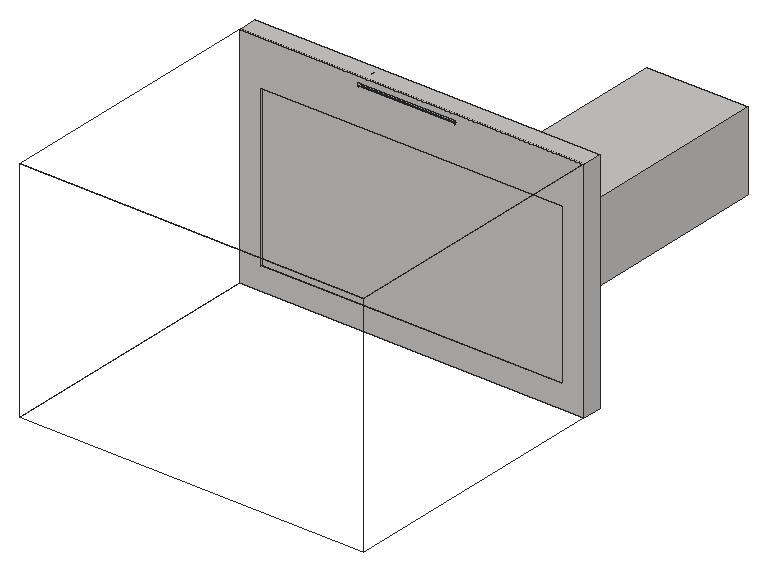
Revit family "Range_Hood-BroanNutone-Pyramidal_Chimney-30in-EW4830SS", category Specialty Equipment, host Face, Revit 2019
Family settings
  Host = Face
  Round Connector Dimension = Use Diameter
  Part Type = Normal
  OmniClass Number = 23.40.20.34.11.21
  OmniClass Title = Fireplace and Stove Hoods
  Cut with Voids When Loaded = No
  Shared = No
  Room Calculation Point = No
Parameters (values of type "30in - Stainless Steel")
  Width = 2' - 5 15/16"  # constant formula
  Warranty URL = "https://www.broan-nutone.com/getmedia/08960bac-3ee5-42e1-8f41-5e0d445213aa/ADA_Low_Voltage_Connection.pdf?ext=.pdf"
  Voltage Note = "120 V"
  Voltage = 120 V
  Version = "2019 – v1.0a"  # constant formula
  URL = "https://www.broan-nutone.com/"
  Type Comments = ""
  Support Phone = "(224) 699-9545"  # constant formula
  Support Email = "mailto:support@anguleris.com"
  Product Page URL = "https://www.broan-nutone.com/en-us/product/rangehoods/ew4830ss"
  Product Name = "Broan® Elite EW48 Series 30-Inch Pyramidal Chimney Range Hood, 460 Max Blower CFM"  # constant formula
  Product Documentation Link = "https://www.broan-nutone.com/getmedia/49eccd3f-74bb-4680-8234-84695bb48309/Spec-Sheet-EW48.pdf?ext=.pdf"
  Power Factor = 1
  Number of Poles = 1
  Mounting Note = "For best results mount 24 to 30 inches over cooking surface"  # constant formula
  Model = "EW4830SS"
  Manufacturer Phone Number = "1 800-558-1711"  # constant formula
  Manufacturer = "Broan-NuTone"  # constant formula
  Height = 0' - 9 1/2"  # constant formula
  Flue Extension [instance] = 2' - 6 15/16"
  Finish = Metal - Broan NuTone - Stainless Steel
  Electrical Connector = "Cord Kit - Standard 120 VAC Plug"  # constant formula
  Description = "30in Pyramidal Chimney Range Hood"  # constant formula
  Depth = 1' - 7 3/4"  # constant formula
  Default Elevation = 4' - 0"
  Copyright = "Copyright © 2021 Broan-NuTone, LLC. All Rights Reserved"  # constant formula
  Clearance [instance] = yes
  C Flue [instance] = if(Flue Extension > 3' 6", 3' 6", if(Flue Extension < 2' 2 5/8", 2' 2 5/8", Flue Extension))  # 2' - 6 15/16"
  Assembly Code = "E1090320"
Types (4): name | Product Page URL | Model | Finish
  (no name) | "https://www.broan-nutone.com/en-us/product/rangehoods/ew4830ss" | "EW4830SS" | Metal - Broan NuTone - Stainless Steel
  30in - Stainless Steel | "https://www.broan-nutone.com/en-us/product/rangehoods/ew4830ss" | "EW4830SS" | Metal - Broan NuTone - Stainless Steel
  30in - Black Stainless Steel | "https://www.broan-nutone.com/en-us/product/rangehoods/ew4830bls" | "EW4830BLS" | Metal - Broan NuTone - Stainless Steel - Black
  30in - White | "https://www.broan-nutone.com/en-us/product/rangehoods/ew4830wh" | "EW4830WH" | Plastic - Broan NuTone - White
Reference planes (in)
  plane 1 "Center (Front/Back)": y = 0
  plane 2: z = 0
  plane 3 "Center (Left/Right)": x = 0
  plane 4: x = -14.96875
  plane 5: x = 14.96875
  plane 6: y = -4.75
  plane 7: z = 19.75
  plane 8: z = 14.25
  plane 9: z = 2
  plane 10: y = 1.5
  plane 11: y = -1.5
  plane 12: x = -13.46875
  plane 13: x = 13.46875
  plane 14: x = -2.9375
  plane 15: x = 2.9375
  plane 16: y = -3.1875
  plane 17: y = 26.1875
Forms (in)
  Extrusion 1, solid, material "Clearances - Broan Nutone", visible <- "Clearance"
    sketch origin (0, 0, 0) x (1, 0, 0) y (0, 1, 0)
      loop
        line (-14.96875, -4.75) -> (-14.96875, -28.75) -> (14.96875, -28.75) -> (14.96875, -4.75) -> (-14.96875, -4.75)
    from 0 to 19.75
  Extrusion 2, solid, material "Metal - Broan NuTone - Stainless Steel" <- "Finish"
    sketch origin (0, 0, -11.25) x (1, 0, 0) y (0, 0, 1)
      loop
        circle (0, 14.65625) r 2.9375
      loop
        circle (0, 14.65625) r 2.75
    from -4.75 to -5.48509
  Extrusion 3, solid, material "Metal - Broan NuTone - Stainless Steel" <- "Finish"
    sketch origin (0, 0, -0.18874) x (1, 0, 0) y (0, 0, 1)
      loop
        line (-14.96875, 19.93874) -> (-14.96875, 0.18874) -> (14.96875, 0.18874) -> (14.96875, 19.93874) -> (-14.96875, 19.93874)
      loop
        line (13.14872, 16.0753) -> (-13.14872, 16.0753) -> (-13.14872, 2.18874) -> (13.14872, 2.18874) -> (13.14872, 16.0753)
    from 3.1875 to 4.88648
  Extrusion 4, solid, material "Metal - Broan NuTone - Stainless Steel" <- "Finish"
    sketch origin (0, 0, 0) x (1, 0, 0) y (0, 0, 1)
      loop
        line (13.85485, 17.63656) -> (-13.96739, 17.63656) -> (-13.96739, 1.07406) -> (13.85485, 1.07406) -> (13.85485, 17.63656)
    from 3.63092 to 4.75
  Extrusion 5, void
    sketch origin (0, 0, 0) x (1, 0, 0) y (0, 0, 1)
      loop
        line (3.73754, 19.28851) -> (-4.51246, 19.28851)
        arc (-4.51246, 19.28851) -> (-4.68355, 19.11742) -> (-4.51246, 18.94632) r 0.17109
        line (-4.51246, 18.94632) -> (3.73754, 18.94632)
        arc (3.73754, 18.94632) -> (3.90864, 19.11742) -> (3.73754, 19.28851) r 0.17109
    from 2.48756 to 4.88648
  Extrusion 6, solid
    sketch origin (0, 0, 0) x (1, 0, 0) y (0, 0, 1)
      loop
        line (-4.51246, 18.94632) -> (3.73754, 18.94632)
        arc (3.73754, 18.94632) -> (3.90864, 19.11742) -> (3.73754, 19.28851) r 0.17109
        line (3.73754, 19.28851) -> (-4.51246, 19.28851)
        arc (-4.51246, 19.28851) -> (-4.68355, 19.11742) -> (-4.51246, 18.94632) r 0.17109
    from 3.63092 to 4.61764
  Blend 7, solid, material "Metal - Broan NuTone - Stainless Steel" <- "Finish"
    base sketch origin (0, 0, 0) x (1, 0, 0) y (0, 0, 1)
      loop
        line (-14.96875, 0) -> (14.96875, 0) -> (14.96875, 19.75) -> (-14.96875, 19.75) -> (-14.96875, 0)
    top sketch origin (0, 0, 0) x (1, 0, 0) y (0, 0, 1)
      loop
        line (-4.375, 6.875) -> (-4.375, 0) -> (4.375, 0) -> (4.375, 6.875) -> (-4.375, 6.875)
    from 3.1875 to -5.77333
  Extrusion 8, solid, material "Metal - Broan NuTone - Stainless Steel" <- "Finish", detail levels coarse+medium
    sketch origin (0, 0, 0) x (0, 1, 0) y (0, 0, 1)
      loop
        line (5.77333, 6.875) -> (-3.1875, 19.75) -> (-4.75, 19.75) -> (-4.75, 0) -> (5.77333, 0) -> (5.77333, 6.875)
    from -14.96875 to 14.96875
  Extrusion 9, solid, material "Metal - Broan NuTone - Stainless Steel" <- "Finish"
    sketch origin (0, 0, 0) x (1, 0, 0) y (0, 0, 1)
      loop
        line (4.375, 6.875) -> (-4.375, 6.875) -> (-4.375, 0) -> (4.375, 0) -> (4.375, 6.875)
    from -5.48509 to -26.1875
Cuts and joins
  Extrusion 5 cuts Extrusion 3
  joined: Extrusion 3, Blend 7
Lines and regions (in)
  Masking region 1, detail levels coarse
    outline origin (0, 0, 0) x (1, 0, 0) y (0, 0, 1)
      loop
        line (14.96875, 19.75) -> (-14.96875, 19.75) -> (-14.96875, 0) -> (14.96875, 0) -> (14.96875, 19.75)
  model lines, detail levels fine
    curve 1: circle (2.75, 2, 0) r 0.5 normal (0, 0, 1)
  symbolic lines, style "Clearance Zones"
    curve 2: line (-14.96875, 0, 14.25) -> (-14.96875, 0, 19.75)
    curve 3: line (-14.96875, 0, 19.75) -> (14.96875, 0, 19.75)
    curve 4: line (14.96875, 0, 19.75) -> (14.96875, 0, 14.25)
  symbolic lines, detail levels medium+fine
    curve 5: line (14.96875, 0, 14.25) -> (-14.96875, 0, 14.25)
  symbolic lines
    curve 6: line (14.96875, -1.625, 0) -> (14.36875, -1.625, 0)
    curve 7: line (14.36875, -1.625, 0) -> (14.36875, -4.75, 0)
    curve 8: line (-14.96875, -1.625, 0) -> (-14.36875, -1.625, 0)
    curve 9: line (-14.36875, -1.625, 0) -> (-14.36875, -4.75, 0)
  model lines
    curve 10: line (-14.96875, -4.625, 0) -> (-14.96875, -4.75, 0)
Dimensions and locks (in)
  equal spacing: plane 4, plane 3 "Center (Left/Right)", plane 5
  "Width": plane 4 to plane 5
  plane 6 to plane 1 "Center (Front/Back)" = 0' - 4 3/4"
  plane 7 to level = 1' - 7 3/4"
  equal spacing: plane 11, plane 1 "Center (Front/Back)", plane 10
  locked: Extrusion 1 sketch curve to plane 6 at 24
  locked: plane 12 to plane 4 at 1.5
  locked: plane 5 to plane 13 at 1.5
  "Depth": plane 7 to host face
  Extrusion 1 to Extrusion 1 = 2' - 5 15/16"  (x2)
  locked: plane 7 to plane 8 at 5.5
  plane 15 to plane 14 = 0' - 5 7/8"
  locked: host sketch curve to plane 3 "Center (Left/Right)" at 48  (x12)
  locked: host sketch curve to plane 1 "Center (Front/Back)" at 48  (x12)
  locked: Extrusion 1 to plane 3 "Center (Left/Right)" at 14.96875  (x4)
  locked: Extrusion 1 sketch curve to plane 3 "Center (Left/Right)" at 14.96875  (x12)
  locked: Extrusion 1 to plane 1 "Center (Front/Back)" at 4.75  (x2)
  locked: Extrusion 1 to plane 1 "Center (Front/Back)" at 28.75  (x2)
  locked: Extrusion 1 sketch curve to plane 1 "Center (Front/Back)" at 28.75  (x6)
  locked: Extrusion 1 sketch curve to plane 1 "Center (Front/Back)" at 4.75  (x6)
  locked: Extrusion 1 to level at 19.75  (x2)
  locked: Extrusion 2 to plane 1 "Center (Front/Back)" at 5.48509  (x2)
  locked: Extrusion 2 to plane 1 "Center (Front/Back)" at 4.75  (x2)
  locked: plane 3 "Center (Left/Right)" to Extrusion 2 sketch curve at 2.9375  (x2)
  locked: plane 3 "Center (Left/Right)" to Extrusion 2 sketch curve at 2.75  (x2)
  locked: Extrusion 2 sketch curve to level at 0.46875  (x2)
  locked: Extrusion 2 sketch curve to level at 0.65625  (x2)
  locked: Extrusion 3 sketch curve to plane 3 "Center (Left/Right)" at 14.96875  (x12)
  locked: Extrusion 3 sketch curve to plane 3 "Center (Left/Right)" at 13.14872  (x12)
  locked: Extrusion 3 sketch curve to level at 19.75  (x6)
  locked: Extrusion 3 sketch curve to level at 2  (x6)
  locked: Extrusion 3 sketch curve to level at 15.88656  (x6)
  locked: Extrusion 4 to plane 3 "Center (Left/Right)" at 13.96739  (x2)
  locked: Extrusion 4 to plane 3 "Center (Left/Right)" at 13.85485  (x2)
  locked: Extrusion 4 sketch curve to plane 3 "Center (Left/Right)" at 13.96739  (x6)
  locked: Extrusion 4 sketch curve to plane 3 "Center (Left/Right)" at 13.85485  (x6)
  locked: Extrusion 4 to plane 1 "Center (Front/Back)" at 4.75  (x2)
  locked: Extrusion 4 to plane 1 "Center (Front/Back)" at 3.63092  (x2)
  locked: Extrusion 4 to level at 1.07406  (x2)
  locked: Extrusion 4 to level at 17.63656  (x2)
  locked: Extrusion 4 sketch curve to level at 1.07406  (x6)
  locked: Extrusion 4 sketch curve to level at 17.63656  (x6)
  locked: Extrusion 5 sketch curve to plane 3 "Center (Left/Right)" at 4.51246  (x4)
  locked: Extrusion 5 sketch curve to plane 3 "Center (Left/Right)" at 3.73754  (x4)
  locked: Extrusion 5 sketch curve to plane 3 "Center (Left/Right)" at 4.34136
  locked: Extrusion 5 sketch curve to plane 3 "Center (Left/Right)" at 3.56645
  locked: Extrusion 5 sketch curve to level at 18.94632  (x12)
  locked: Extrusion 5 sketch curve to level at 19.28851  (x10)
  locked: Extrusion 6 sketch curve to plane 3 "Center (Left/Right)" at 3.73754  (x4)
  locked: Extrusion 6 sketch curve to plane 3 "Center (Left/Right)" at 4.51246  (x4)
  locked: Extrusion 6 to plane 1 "Center (Front/Back)" at 4.61764  (x2)
  locked: Extrusion 6 to plane 1 "Center (Front/Back)" at 3.63092  (x2)
  locked: Extrusion 6 sketch curve to plane 3 "Center (Left/Right)" at 3.56645
  locked: Extrusion 6 sketch curve to plane 3 "Center (Left/Right)" at 4.34136
  locked: Extrusion 6 to level at 19.28851  (x2)
  locked: Extrusion 6 to level at 18.94632  (x2)
  locked: Extrusion 6 sketch curve to level at 18.94632  (x12)
  locked: Extrusion 6 sketch curve to level at 19.28851  (x10)
  locked: Blend 7 sketch curve to plane 3 "Center (Left/Right)" at 14.96875  (x12)
  locked: Blend 7 sketch curve to plane 3 "Center (Left/Right)" at 4.375  (x12)
  locked: Blend 7 sketch curve to level at 19.75  (x6)
  locked: Blend 7 sketch curve to level at 6.875  (x6)
  locked: Extrusion 8 to plane 3 "Center (Left/Right)" at 14.96875  (x4)
  locked: Extrusion 8 to plane 1 "Center (Front/Back)" at 4.75  (x2)
  locked: Extrusion 8 to plane 1 "Center (Front/Back)" at 5.77333  (x2)
  locked: Extrusion 8 sketch curve to plane 1 "Center (Front/Back)" at 4.75  (x6)
  locked: Extrusion 8 sketch curve to plane 1 "Center (Front/Back)" at 5.77333  (x6)
  locked: Extrusion 8 to level at 19.75  (x2)
  locked: Extrusion 8 sketch curve to level at 19.75  (x6)
  "Flue Extension": plane 17 to plane 6
  aligned and locked: plane 2 to host face
  aligned and locked: level to host face
  aligned and locked: Extrusion 1 to level
  aligned and locked: Masking region 1 sketch curve to plane 5
  aligned and locked: Masking region 1 sketch curve to plane 7
  aligned and locked: Masking region 1 sketch curve to plane 4
  aligned and locked: plane 2 to Masking region 1 sketch curve
  aligned and locked: plane 5 to curve 5
  aligned and locked: plane 4 to curve 5
  aligned and locked: plane 7 to Extrusion 1
  aligned and locked: Extrusion 9 to plane 17
  aligned and locked: Extrusion 9 to Extrusion 2
Automatic sketch dimensions
  curve 10 to plane 4 = 0' - 0"
  curve 8 to plane 4 = 0' - 0"
  plane 6 to curve 9 = 0' - 0"
  plane 6 to curve 7 = 0' - 0"
  curve 6 to plane 5 = 0' - 0"
  plane 6 to curve 10 = 0' - 0"
  curve 9 to plane 11 = 0' - 0 1/8"
  curve 8 to curve 9 = 0' - 0.6"
  curve 7 to plane 11 = 0' - 0 1/8"
  curve 7 to plane 5 = 0' - 0.6"
  curve 10 to plane 6 = 0' - 0 1/8"
  curve 5 to plane 8 = 0' - 0"
  curve 4 to plane 7 = 0' - 0"
  curve 1 to plane 10 = 0' - 0 1/2"
  plane 3 "Center (Left/Right)" to curve 1 = 0' - 2 3/4"
  Extrusion 2 sketch curve to Extrusion 2 sketch curve = 0' - 0"
  Extrusion 2 sketch curve to plane 3 "Center (Left/Right)" = 0' - 0"
  level to Extrusion 3 sketch curve = 0' - 0"
  level to Blend 7 sketch curve = 0' - 0"
  Blend 7 sketch curve to level = 0' - 0"
  Extrusion 8 sketch curve to plane 16 = 0' - 0"
  Extrusion 8 sketch curve to level = 0' - 0"
  plane 9 to Extrusion 8 sketch curve = 0' - 4 7/8"
  Extrusion 9 sketch curve to plane 3 "Center (Left/Right)" = 0' - 4 3/8"
  plane 3 "Center (Left/Right)" to Extrusion 9 sketch curve = 0' - 4 3/8"
  plane 9 to Extrusion 9 sketch curve = 0' - 4 7/8"
  Extrusion 9 sketch curve to level = 0' - 0"
  radius of curve 1 = 0' - 0 1/2"
Connectors (in)
  hvac at (0, 5.48509, 3.40625)
    settings: on Extrusion 2, index 3, duct flow 0 CFM, flow factor 0, pres drop 0.00 in-wg, loss coef 0, conn angle 0.00°, conn width 12", conn height 12", conn diameter 5 7/8", duct sys type 3, conn prof type 0, flow config 0, flow direction 2, loss method 0, conn ref index -1, conn util no, is conn primary yes, conn desc "Exhaust Air"
